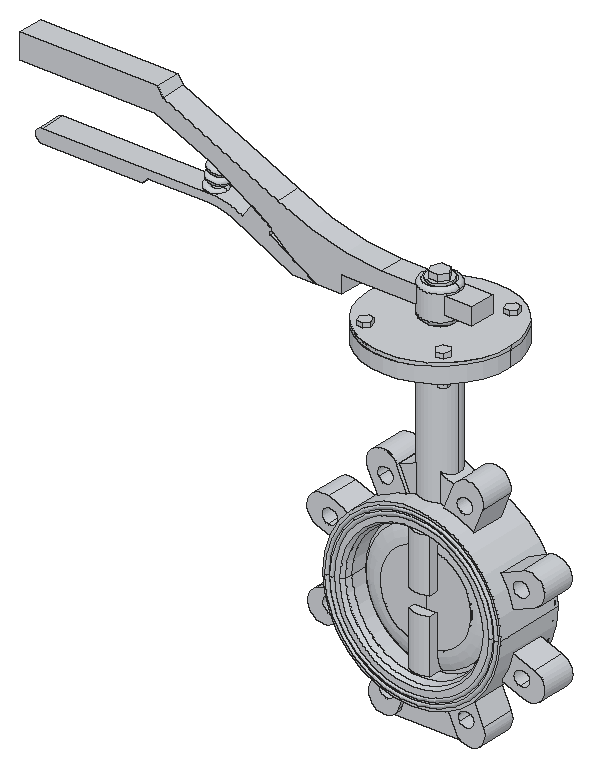
Revit family "R59FLX006", category Plumbing Fixtures, Revit 2015
Reference planes
  plane 1 "Center (Front/Back)": y = 0
  plane 2: z = 0
  plane 3 "Center (Left/Right)": x = 0
  plane 4: z = 152
  plane 5: x = -260
  plane 6: z = 229
  plane 7: z = 187
  plane 8: z = -76
  plane 9: z = -30
  plane 10: z = 182
  plane 11: y = -22.488
  plane 12: y = 22.512
  plane 13: z = -28.858
Forms (mm)
  Extrusion 1, solid
    sketch origin (0, 0, 142) x (1, 0, 0) y (0, 1, 0)
      loop
        circle (0, 0) r 45
    from 0 to 10
  Extrusion 2, solid
    sketch origin (0, 45.948, -128.573) x (1, 0, 0) y (0, 0, 1)
      loop
        arc (-96.679, 319.319) -> (-132.67, 336.792) -> (-169.654, 352.049) r 659.286
        line (-169.654, 352.049) -> (-172.843, 357.573) -> (-260, 357.573) -> (-260, 341.853) -> (-174.471, 341.853)
        arc (-174.471, 341.853) -> (-122.152, 316.93) -> (-77.024, 280.573) r 248.649
        line (-77.024, 280.573) -> (-55.568, 280.573) -> (-55.568, 291.199) -> (26.878, 291.199) -> (26.878, 302.179) -> (-30.767, 302.179)
        arc (-30.767, 302.179) -> (-64.704, 306.978) -> (-96.679, 319.319) r 150.722
    from 37.966 to 54.11
  Extrusion 3, solid
    sketch origin (-37.783, 45.948, -198.087) x (1, 0, 0) y (0, 0, 1)
      loop
        line (-98.516, 377.301) -> (-208.006, 377.301)
        arc (-208.006, 377.301) -> (-212.274, 373.033) -> (-208.006, 368.766) r 4.268
        line (-208.006, 368.766) -> (-144.475, 368.766) -> (-140.939, 372.301) -> (-103.305, 372.301)
        arc (-103.305, 372.301) -> (-95.507, 371.471) -> (-88.058, 369.019) r 37.057
        arc (-88.058, 369.019) -> (-68.407, 360.05) -> (-49.241, 350.087) r 421.945
        line (-49.241, 350.087) -> (-34.866, 350.087)
        arc (-34.866, 350.087) -> (-48.985, 359.43) -> (-64, 367.252) r 162.429
        line (-64, 367.252) -> (-63.437, 371.843) -> (-74.98, 380.231) -> (-80.609, 372.485)
        arc (-80.609, 372.485) -> (-89.36, 375.646) -> (-98.516, 377.301) r 55.494
    from 37.966 to 54.11
  Extrusion 4, solid
    sketch origin (0, 0, -76.95) x (1, 0, 0) y (0, 1, 0)
      loop
        circle (0, 0) r 12
    from 118.947 to 218.95
  Revolve 5, solid
    sketch origin (0, 0, 0) x (0, 1, 0) y (0, 0, 1)
      loop
        line (11.11, 0) -> (-11.11, 0) -> (-11.11, -28.858)
        arc (-11.11, -28.858) -> (-10.324, -34.685) -> (-8, -40.085) r 21.649
        line (-8, -40.085) -> (-6, -40.085) -> (-6, -42.885) -> (6, -42.885) -> (6, -40.085) -> (8, -40.085)
        arc (8, -40.085) -> (10.324, -34.685) -> (11.11, -28.858) r 21.649
        line (11.11, -28.858) -> (11.11, 0)
      axis (11.11, 0) -> (-11.11, 0)
    angle from 0 to 360
  Blend 6, solid
    base sketch origin (0, 0, -4.163) x (1, 0, 0) y (0, 1, 0)
      loop
        line (-6.883, 16.4) -> (-6.883, -16.4)
        arc (-6.883, -16.4) -> (0, -18.078) -> (6.883, -16.4) r 14.953
        line (6.883, -16.4) -> (6.883, 16.4)
        arc (6.883, 16.4) -> (0, 18.078) -> (-6.883, 16.4) r 14.953
    top sketch origin (0, 0, 0) x (1, 0, 0) y (0, 1, 0)
      loop
        line (-6.883, 16.4) -> (-6.883, -16.4)
        arc (-6.883, -16.4) -> (0, -18.078) -> (6.883, -16.4) r 14.953
        line (6.883, -16.4) -> (6.883, 16.4)
        arc (6.883, 16.4) -> (0, 18.078) -> (-6.883, 16.4) r 14.953
    from 10.163 to 40.118
  Blend 7, solid
    base sketch origin (0, 0, -38.601) x (0, -1, 0) y (1, 0, 0)
      loop
        line (-16.4, -6.883) -> (16.4, -6.883)
        arc (16.4, -6.883) -> (18.078, 0) -> (16.4, 6.883) r 14.953
        line (16.4, 6.883) -> (-16.4, 6.883)
        arc (-16.4, 6.883) -> (-18.078, 0) -> (-16.4, -6.883) r 14.953
    top sketch origin (0, 0, -35.117) x (0, -1, 0) y (1, 0, 0)
      loop
        line (-16.4, -6.883) -> (16.4, -6.883)
        arc (16.4, -6.883) -> (18.078, 0) -> (16.4, 6.883) r 14.953
        line (16.4, 6.883) -> (-16.4, 6.883)
        arc (-16.4, 6.883) -> (-18.078, 0) -> (-16.4, -6.883) r 14.953
    from -1.471 to 29.117
  Extrusion 8, solid
    sketch origin (3.015, 0, -6.297) x (0.99863, 0, -0.052336) y (0.052336, 0, 0.99863)
      loop
        line (-18.251, 60.114) -> (-25.459, 74.264)
        arc (-25.459, 74.264) -> (-38.908, 78.635) -> (-43.28, 65.186) r 10
        line (-43.28, 65.186) -> (-36.072, 51.036) -> (-18.251, 60.114)
      loop
        circle (-32.1, 65.269) r 5
    from -10.546 to 10.991
  Extrusion 9, solid
    sketch origin (-2.321, 0, -6.585) x (0.669131, 0, -0.743145) y (0.743145, 0, 0.669131)
      loop
        line (-18.251, 60.114) -> (-25.459, 74.264)
        arc (-25.459, 74.264) -> (-38.908, 78.635) -> (-43.28, 65.186) r 10
        line (-43.28, 65.186) -> (-36.072, 51.036) -> (-18.251, 60.114)
      loop
        circle (-32.1, 65.269) r 5
    from -10.546 to 10.991
  Extrusion 10, solid
    sketch origin (-6.297, 0, -3.015) x (-0.052336, 0, -0.99863) y (0.99863, 0, -0.052336)
      loop
        line (-18.251, 60.114) -> (-25.459, 74.264)
        arc (-25.459, 74.264) -> (-38.908, 78.635) -> (-43.28, 65.186) r 10
        line (-43.28, 65.186) -> (-36.072, 51.036) -> (-18.251, 60.114)
      loop
        circle (-32.1, 65.269) r 5
    from -10.546 to 10.991
  Extrusion 11, solid
    sketch origin (-6.585, 0, 2.321) x (-0.743145, 0, -0.669131) y (0.669131, 0, -0.743145)
      loop
        line (-18.251, 60.114) -> (-25.459, 74.264)
        arc (-25.459, 74.264) -> (-38.908, 78.635) -> (-43.28, 65.186) r 10
        line (-43.28, 65.186) -> (-36.072, 51.036) -> (-18.251, 60.114)
      loop
        circle (-32.1, 65.269) r 5
    from -10.546 to 10.991
  Extrusion 12, solid
    sketch origin (-3.015, 0, 6.297) x (-0.99863, 0, 0.052336) y (-0.052336, 0, -0.99863)
      loop
        line (-18.251, 60.114) -> (-25.459, 74.264)
        arc (-25.459, 74.264) -> (-38.908, 78.635) -> (-43.28, 65.186) r 10
        line (-43.28, 65.186) -> (-36.072, 51.036) -> (-18.251, 60.114)
      loop
        circle (-32.1, 65.269) r 5
    from -10.546 to 10.991
  Extrusion 13, solid
    sketch origin (2.321, 0, 6.585) x (-0.669131, 0, 0.743145) y (-0.743145, 0, -0.669131)
      loop
        line (-18.251, 60.114) -> (-25.459, 74.264)
        arc (-25.459, 74.264) -> (-38.908, 78.635) -> (-43.28, 65.186) r 10
        line (-43.28, 65.186) -> (-36.072, 51.036) -> (-18.251, 60.114)
      loop
        circle (-32.1, 65.269) r 5
    from -10.546 to 10.991
  Extrusion 14, solid
    sketch origin (6.297, 0, 3.015) x (0.052336, 0, 0.99863) y (-0.99863, 0, 0.052336)
      loop
        line (-18.251, 60.114) -> (-25.459, 74.264)
        arc (-25.459, 74.264) -> (-38.908, 78.635) -> (-43.28, 65.186) r 10
        line (-43.28, 65.186) -> (-36.072, 51.036) -> (-18.251, 60.114)
      loop
        circle (-32.1, 65.269) r 5
    from -10.546 to 10.991
  Extrusion 15, solid
    sketch origin (6.585, 0, -2.321) x (0.743145, 0, 0.669131) y (-0.669131, 0, 0.743145)
      loop
        line (-18.251, 60.114) -> (-25.459, 74.264)
        arc (-25.459, 74.264) -> (-38.908, 78.635) -> (-43.28, 65.186) r 10
        line (-43.28, 65.186) -> (-36.072, 51.036) -> (-18.251, 60.114)
      loop
        circle (-32.1, 65.269) r 5
    from -10.546 to 10.991
  Extrusion 16, solid
    sketch origin (99.126, -27.447, 154) x (0, -1, 0) y (1, 0, 0)
      loop
        line (3.99, -123.113) -> (0.805, -120.344) -> (-3.184, -121.718) -> (-3.99, -125.86) -> (-0.805, -128.628) -> (3.184, -127.254) -> (3.99, -123.113)
    from 0 to 3
  Extrusion 17, solid
    sketch origin (99.126, -27.447, 134) x (0, -1, 0) y (1, 0, 0)
      loop
        circle (0, -124.486) r 3
    from 2.505 to 20
  Extrusion 18, solid
    sketch origin (99.126, -27.447, 141) x (0, -1, 0) y (1, 0, 0)
      loop
        line (3.99, -123.113) -> (0.805, -120.344) -> (-3.184, -121.718) -> (-3.99, -125.86) -> (-0.805, -128.628) -> (3.184, -127.254) -> (3.99, -123.113)
      loop
        line (-3.444, -125.672) -> (-0.695, -128.061) -> (2.749, -126.876) -> (3.444, -123.301) -> (0.695, -120.911) -> (-2.749, -122.097) -> (-3.444, -125.672)
    from -1.968 to 1
  Extrusion 19, solid, not visible
    sketch origin (26.117, -96.518, 104.233) x (0, -1, 0) y (1, 0, 0)
      loop
        line (3.99, -123.113) -> (0.805, -120.344) -> (-3.184, -121.718) -> (-3.99, -125.86) -> (-0.805, -128.628) -> (3.184, -127.254) -> (3.99, -123.113)
    from 0 to 3
  Extrusion 20, solid, not visible
    sketch origin (26.117, -96.518, 84.233) x (0, -1, 0) y (1, 0, 0)
      loop
        circle (0, -124.486) r 3
    from 2.505 to 20
  Extrusion 21, solid, not visible
    sketch origin (26.117, -96.518, 91.233) x (0, -1, 0) y (1, 0, 0)
      loop
        line (3.99, -123.113) -> (0.805, -120.344) -> (-3.184, -121.718) -> (-3.99, -125.86) -> (-0.805, -128.628) -> (3.184, -127.254) -> (3.99, -123.113)
      loop
        line (-3.444, -125.672) -> (-0.695, -128.061) -> (2.749, -126.876) -> (3.444, -123.301) -> (0.695, -120.911) -> (-2.749, -122.097) -> (-3.444, -125.672)
    from -1.968 to 1
  Extrusion 22, solid
    sketch origin (0, 0, 152) x (1, 0, 0) y (0, 1, 0)
      loop
        circle (0, 0) r 45
    from 0 to 2
  Extrusion 23, solid
    sketch origin (99.126, -27.447, 154) x (0, -1, 0) y (1, 0, 0)
      loop
        line (-58.884, -123.113) -> (-58.079, -127.254) -> (-54.09, -128.628) -> (-50.905, -125.86) -> (-51.71, -121.718) -> (-55.7, -120.344) -> (-58.884, -123.113)
    from 0 to 3
  Extrusion 24, solid
    sketch origin (99.126, -27.447, 134) x (0, -1, 0) y (1, 0, 0)
      loop
        circle (-54.895, -124.486) r 3
    from 2.505 to 20
  Extrusion 25, solid
    sketch origin (99.126, -27.447, 141) x (0, -1, 0) y (1, 0, 0)
      loop
        line (-58.884, -123.113) -> (-58.079, -127.254) -> (-54.09, -128.628) -> (-50.905, -125.86) -> (-51.71, -121.718) -> (-55.7, -120.344) -> (-58.884, -123.113)
      loop
        line (-51.451, -125.672) -> (-52.146, -122.097) -> (-55.59, -120.911) -> (-58.339, -123.301) -> (-57.644, -126.876) -> (-54.2, -128.061) -> (-51.451, -125.672)
    from -1.968 to 1
  Extrusion 26, solid
    sketch origin (-100.376, 27.447, 154) x (0, 1, 0) y (-1, 0, 0)
      loop
        line (-58.884, -123.113) -> (-58.079, -127.254) -> (-54.09, -128.628) -> (-50.905, -125.86) -> (-51.71, -121.718) -> (-55.7, -120.344) -> (-58.884, -123.113)
    from 0 to 3
  Extrusion 27, solid
    sketch origin (-100.376, 27.447, 134) x (0, 1, 0) y (-1, 0, 0)
      loop
        circle (-54.895, -124.486) r 3
    from 2.505 to 20
  Extrusion 28, solid
    sketch origin (-100.376, 27.447, 141) x (0, 1, 0) y (-1, 0, 0)
      loop
        line (-58.884, -123.113) -> (-58.079, -127.254) -> (-54.09, -128.628) -> (-50.905, -125.86) -> (-51.71, -121.718) -> (-55.7, -120.344) -> (-58.884, -123.113)
      loop
        line (-51.451, -125.672) -> (-52.146, -122.097) -> (-55.59, -120.911) -> (-58.339, -123.301) -> (-57.644, -126.876) -> (-54.2, -128.061) -> (-51.451, -125.672)
    from -1.968 to 1
  Extrusion 29, solid
    sketch origin (-100.376, 27.447, 154) x (0, 1, 0) y (-1, 0, 0)
      loop
        line (3.99, -123.113) -> (0.805, -120.344) -> (-3.184, -121.718) -> (-3.99, -125.86) -> (-0.805, -128.628) -> (3.184, -127.254) -> (3.99, -123.113)
    from 0 to 3
  Extrusion 30, solid
    sketch origin (-100.376, 27.447, 134) x (0, 1, 0) y (-1, 0, 0)
      loop
        circle (0, -124.486) r 3
    from 2.505 to 20
  Extrusion 31, solid
    sketch origin (-100.376, 27.447, 141) x (0, 1, 0) y (-1, 0, 0)
      loop
        line (3.99, -123.113) -> (0.805, -120.344) -> (-3.184, -121.718) -> (-3.99, -125.86) -> (-0.805, -128.628) -> (3.184, -127.254) -> (3.99, -123.113)
      loop
        line (-3.444, -125.672) -> (-0.695, -128.061) -> (2.749, -126.876) -> (3.444, -123.301) -> (0.695, -120.911) -> (-2.749, -122.097) -> (-3.444, -125.672)
    from -1.968 to 1
  Extrusion 32, solid
    sketch origin (125.063, -27.447, 179.144) x (0, -1, 0) y (1, 0, 0)
      loop
        line (-32.638, -122.069) -> (-32.638, -128.062) -> (-27.447, -131.059) -> (-22.257, -128.062) -> (-22.257, -122.069) -> (-27.447, -119.072) -> (-32.638, -122.069)
    from -1.014 to 2.856
  Extrusion 33, solid
    sketch origin (124.477, -54.895, 174.2) x (0, -1, 0) y (1, 0, 0)
      loop
        circle (-54.895, -124.486) r 8
    from -22.2 to 3.931
  Sweep 34, solid
    path origin (0, 0, 0) x (1, 0, 0) y (0, 0, 1)
      loop
        circle (0, 0) r 56.5
    profile origin (0, 0, -56.5) x (0, 0, 1) y (0, -1, 0)
      loop
        line (0, 22.512) -> (0, -22.512) -> (1.765, -22.512)
        arc (1.765, -22.512) -> (2.779, -23.526) -> (3.792, -22.512) r 1.014
        line (3.792, -22.512) -> (5.065, -22.512)
        arc (5.065, -22.512) -> (6.079, -23.526) -> (7.093, -22.512) r 1.014
        line (7.093, -22.512) -> (10.888, -22.512) -> (12.517, -20.17) -> (13.615, -16.074) -> (13.615, 16.074) -> (12.517, 20.17) -> (10.888, 22.512) -> (7.093, 22.512)
        arc (7.093, 22.512) -> (6.079, 23.526) -> (5.065, 22.512) r 1.014
        line (5.065, 22.512) -> (3.792, 22.512)
        arc (3.792, 22.512) -> (2.779, 23.526) -> (1.765, 22.512) r 1.014
        line (1.765, 22.512) -> (0, 22.512)
  Extrusion 35, solid
    sketch origin (0, 0, -6.285) x (1, 0, 0) y (0, 0, 1)
      loop
        line (-19.832, 75.471) -> (-13.385, 60.987) -> (13.388, 60.987) -> (18.967, 75.514)
        arc (18.967, 75.514) -> (8.519, 79.278) -> (1.583, 87.951) r 20.435
        line (1.583, 87.951) -> (1.583, 61.435) -> (-1.691, 61.435) -> (-1.691, 87.701)
        arc (-1.691, 87.701) -> (-8.987, 78.954) -> (-19.832, 75.471) r 20.435
    from -7.881 to 9.454
  Extrusion 36, solid
    sketch origin (-2.813, 0.293, 5.693) x (1, 0, 0) y (0, 0, 1)
      loop
        line (24.363, -76.16) -> (17.608, -60.987) -> (-11.927, -60.987) -> (-17.608, -75.781)
        arc (-17.608, -75.781) -> (-18.968, -78.229) -> (-20.953, -80.203) r 10
        line (-20.953, -80.203) -> (28.103, -80.203)
        arc (28.103, -80.203) -> (25.899, -78.491) -> (24.363, -76.16) r 8.561
    from -9.388 to 9.974
  Revolve 37, solid
    sketch origin (0, 0, 12) x (1, 0, 0) y (0, 0, 1)
      loop
        line (-9.486, 143.746) -> (0, 143.746) -> (0, 165) -> (-9.486, 165)
        arc (-9.486, 165) -> (-11.259, 164.265) -> (-11.994, 162.492) r 2.508
        line (-11.994, 162.492) -> (-11.994, 146.254)
        arc (-11.994, 146.254) -> (-11.259, 144.481) -> (-9.486, 143.746) r 2.508
      axis (0, 143.746) -> (0, 165)
    angle from 0 to 360
  Sweep 38, solid
    path origin (-48.156, 0, 178.496) x (0.978732, 0, -0.205142) y (0, 1, 0)
      loop
        circle (-92.344, 0) r 5
    profile origin (-138.536, 5, 197.439) x (0, -1, 0) y (0.205142, 0, 0.978732)
      loop
        circle (0, 0) r 2
  Sweep 39, solid
    path origin (-49.24, 0, 172.236) x (0.978732, 0, -0.205142) y (0, 1, 0)
      loop
        circle (-92.344, 0) r 5
    profile origin (-139.62, 5, 191.18) x (0, -1, 0) y (0.205142, 0, 0.978732)
      loop
        circle (0, 0) r 2
  Sweep 40, solid
    path origin (-50.258, 0, 166.62) x (0.978732, 0, -0.205142) y (0, 1, 0)
      loop
        circle (-92.344, 0) r 5
    profile origin (-140.638, 5, 185.564) x (0, -1, 0) y (0.205142, 0, 0.978732)
      loop
        circle (0, 0) r 2
  Sweep 41, solid
    path origin (-51.686, 0, 159.994) x (0.978732, 0, -0.205142) y (0, 1, 0)
      loop
        circle (-92.344, 0) r 5
    profile origin (-142.066, 5, 178.938) x (0, -1, 0) y (0.205142, 0, 0.978732)
      loop
        circle (0, 0) r 2
Dimensions and locks
  plane 2 to plane 4 = 152 mm
  plane 3 "Center (Left/Right)" to plane 5 = 260 mm
  level to plane 6 = 229 mm
  plane 8 to level = 76 mm
  locked: plane 4 to plane 10 at 30
  plane 12 to plane 11 = 45 mm
  aligned and locked: level to plane 2
